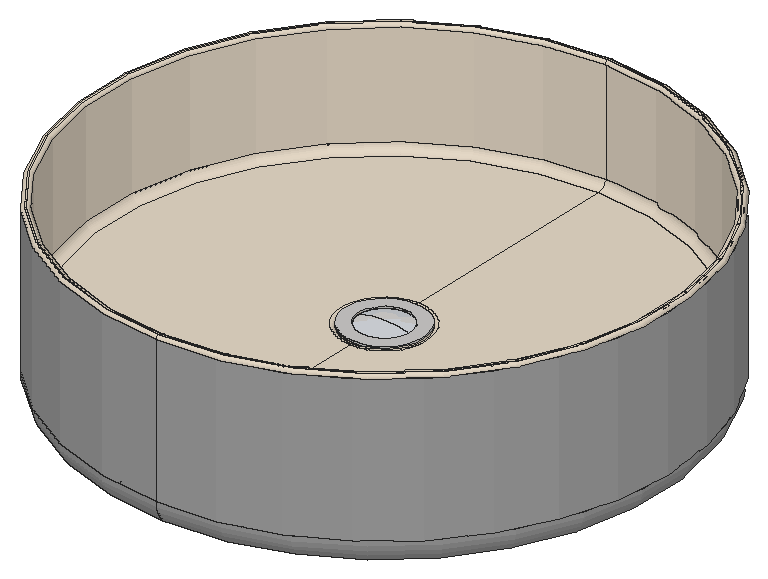
Revit family "SONAS", category Generic Models, Revit 2017
Family settings
  Can host rebar = No
  Round Connector Dimension = Use Diameter
  Part Type = Normal
  Work Plane-Based = No
  Always vertical = Yes
  Cut with Voids When Loaded = No
  Shared = No
  Room Calculation Point = No
Parameters (values of type "SONAS_Black")
  Waste Size [instance] = 32 mm
  URL = "www.seima.com.au"
  Steel = Steel
  Porcelin = Vitreous china_Black
  Model = "SONAS"
  Manufacturer = "SEIMA"
Types (4, lengths in mm): name | Porcelin
  (no name) | Vitreous china_Black
  SONAS_White | Vitreous china_White
  SONAS_White Matte | Vitreous china_White(matte)
  SONAS_Black | Vitreous china_Black
Reference planes
  plane 1 "Center (Front/Back)": y = 0
  plane 2: z = 0
  plane 3 "Center (Left/Right)": x = 0
  plane 4: x = -177.5
  plane 5: y = 177.5
  plane 6: x = 177.5
  plane 7: y = -177.5
  plane 8: z = 115
  plane 9: z = 115.067
Forms (mm)
  Revolve 1, solid, material "Vitreous china_Black" <- "Porcelin"
    sketch origin (0, 0, 0) x (0, 1, 0) y (0, 0, 1)
      loop
        line (-16, 0) -> (-16, 9.161) -> (-152.5, 9.161)
        arc (-152.5, 9.161) -> (-166.642, 15.019) -> (-172.5, 29.161) r 20
        line (-172.5, 29.161) -> (-172.5, 113.005)
        arc (-172.5, 113.005) -> (-173.084, 114.416) -> (-174.495, 115) r 1.995
        line (-174.495, 115) -> (-175.482, 115)
        arc (-175.482, 115) -> (-176.909, 114.409) -> (-177.5, 112.982) r 2.018
        line (-177.5, 112.982) -> (-177.5, 22.5)
        arc (-177.5, 22.5) -> (-172.374, 10.126) -> (-160, 5) r 17.5
        line (-160, 5) -> (-155, 0) -> (-16, 0)
      axis (0, 0) -> (0, 115)
    angle from 0 to 360
  Revolve 2, solid, material "Vitreous china_Black" <- "Porcelin"
    sketch origin (0, 0, 0) x (0, 1, 0) y (0, 0, 1)
      loop
        arc (151.673, 9.167) -> (166.404, 15.269) -> (172.506, 30) r 20.833
        line (172.506, 30) -> (172.506, 44.217) -> (26.602, 44.217)
        arc (26.602, 44.217) -> (25.057, 43.769) -> (23.99, 42.563) r 2.89
        line (23.99, 42.563) -> (23.99, 44.217) -> (16, 44.217) -> (16, 9.167) -> (151.673, 9.167)
      axis (0, 44.217) -> (0, 9.167)
    angle from 0 to 360
  Sweep 3, solid, material "Vitreous china_Black" <- "Porcelin"
    path in 3D
      loop
        arc (0, -172.506, 44.217) -> (-172.506, 0, 44.217) -> (0, 172.506, 44.217) r 172.506
        arc (0, 172.506, 44.217) -> (172.506, 0, 44.217) -> (0, -172.506, 44.217) r 172.506
    profile origin (172.506, 0, 44.217) x (1, 0, 0) y (0, 0, 1)
      loop
        line (0, 0) -> (0, 5.287)
        arc (0, 5.287) -> (-1.549, 1.549) -> (-5.287, 0) r 5.287
        line (-5.287, 0) -> (0, 0)
  Sweep 4, solid, material "Steel" <- "Steel"
    path in 3D
      loop
        arc (0, 16, 44.217) -> (-16, 0, 44.217) -> (0, -16, 44.217) r 16
        arc (0, -16, 44.217) -> (16, 0, 44.217) -> (0, 16, 44.217) r 16
    profile origin (16, 0, 44.217) x (-1, 0, 0) y (0, 0, 1)
      loop
        line (0, 0) -> (0, 0.844) -> (-8.021, 0.844) -> (-8.021, 0) -> (0, 0)
  Revolve 5, solid
    sketch origin (0, 0, 0) x (1, 0, 0) y (0, 0, 1)
      loop
        line (0, 44.217) -> (15.858, 44.217)
        arc (15.858, 44.217) -> (8.001, 45.819) -> (0, 46.359) r 59.976
        line (0, 46.359) -> (0, 44.217)
      axis (0, 44.217) -> (0, 46.359)
    angle from 0 to 360
  Extrusion 6, void
    sketch origin (0, 0, 0) x (1, 0, 0) y (0, 1, 0)
      loop
        circle (0, 0) r 16
    from 0 to 44.217
  Extrusion 7, solid, material "Steel" <- "Steel"
    sketch origin (0, 0, 0) x (1, 0, 0) y (0, 1, 0)
      loop
        circle (0, 0) r 16
    from 44.217 to 0
Cuts and joins
  Extrusion 6 cuts Revolve 1
  Extrusion 6 cuts Revolve 2
  Extrusion 6 cuts Sweep 4
  Extrusion 6 cuts Revolve 5
Lines and regions (mm)
  sketch lines
    curve 1: arc (0, 172.506, 44.217) -> (172.506, 0, 44.217) -> (0, -172.506, 44.217) r 172.506
    curve 2: arc (0, -172.506, 44.217) -> (-172.506, 0, 44.217) -> (0, 172.506, 44.217) r 172.506
    curve 3: arc (0, -16, 44.217) -> (16, 0, 44.217) -> (0, 16, 44.217) r 16
    curve 4: arc (0, 16, 44.217) -> (-16, 0, 44.217) -> (0, -16, 44.217) r 16
Dimensions and locks
  plane 6 to plane 4 = 355 mm
  plane 4 to plane 6 = 355 mm
  plane 5 to plane 7 = 355 mm
  aligned and locked: plane 2 to level
Connectors
  piping at (0, 0, 0), diameter 32, driven by "Waste Size"
    settings: on Extrusion 7, index 1, connector inside diameter 24", connector length 0 mm, flow factor 0, pipe flow 0 GPM, pressure drop 0.00 psi, fitting loss kfactor 0, connector angle 0.00°, fixture units 0, engagement length 0 mm, angle of deflection 0.00°, flow configuration 0, flow direction 2, fitting loss method 0, system type 16, joint type 0, gender type 0, connector reference index -1, connector utility 0, adjustable connector no, is connector primary yes, connector description ""
